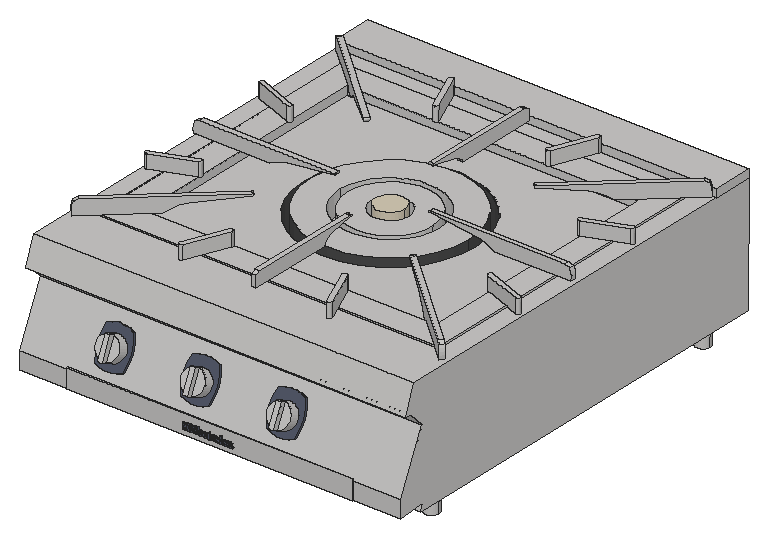
Revit family "QF_ELECTROLUXPROFESSIONAL_391024_E9GCGH3C00", category Specialty Equipment, Revit 2018 (continued)
Automatic sketch dimensions
  plane 7 "Center Y" to Extrusion 9 sketch curve = 97.556 mm
  Extrusion 9 sketch curve to Extrusion 9 sketch curve = 87.167 mm
  Extrusion 9 sketch curve to Extrusion 9 sketch curve = 21.274 mm
  plane 4 "RIGHT" to Extrusion 9 sketch curve = 47.198 mm
  plane 4 "RIGHT" to Extrusion 9 sketch curve = 17.866 mm
  plane 4 "RIGHT" to Extrusion 9 sketch curve = 7.665 mm
  plane 4 "RIGHT" to Extrusion 9 sketch curve = 5.047 mm
  Extrusion 12 to Extrusion 11 sketch curve = 33.446 mm  (x2)
  Extrusion 11 sketch curve to Extrusion 11 sketch curve = 1.954 mm  (x10)
  Extrusion 11 sketch curve to Extrusion 12 = 4.975 mm  (x2)
  Extrusion 11 sketch curve to Extrusion 12 = 1.067 mm  (x2)
  Extrusion 12 to Extrusion 11 sketch curve = 27.705 mm  (x2)
  Extrusion 12 to Extrusion 11 sketch curve = 112.529 mm  (x2)
  Extrusion 12 to Extrusion 11 sketch curve = 27.001 mm  (x2)
  Extrusion 11 sketch curve to Extrusion 11 sketch curve = 4.676 mm  (x14)
  Extrusion 12 to Extrusion 11 sketch curve = 31.247 mm  (x2)
  Extrusion 12 to Extrusion 11 sketch curve = 30.543 mm  (x2)
  Extrusion 12 to Extrusion 11 sketch curve = 5.221 mm
  Extrusion 11 sketch curve to Extrusion 11 sketch curve = 31.407 mm  (x4)
  Extrusion 12 to Extrusion 11 sketch curve = 0.925 mm  (x2)
  Extrusion 11 sketch curve to Extrusion 12 = 0.846 mm  (x2)
  Extrusion 12 to Extrusion 11 sketch curve = 1.679 mm  (x2)
  Extrusion 11 sketch curve to Extrusion 12 = 2.617 mm  (x2)
  Extrusion 12 to Extrusion 11 sketch curve = 154.225 mm  (x2)
  Extrusion 12 to Extrusion 11 sketch curve = 0.495 mm  (x2)
  Extrusion 11 sketch curve to Extrusion 12 = 1.459 mm  (x2)
  Extrusion 11 sketch curve to Extrusion 12 = 3.413 mm  (x2)
  Extrusion 12 to Extrusion 11 sketch curve = 27.977 mm  (x2)
  Extrusion 12 to Extrusion 11 sketch curve = 3.45 mm
  Extrusion 12 to Extrusion 11 sketch curve = 149.823 mm
  Extrusion 12 to Extrusion 11 sketch curve = 151.073 mm
  Extrusion 11 sketch curve to Extrusion 11 sketch curve = 4.603 mm  (x8)
  Extrusion 11 sketch curve to Extrusion 11 sketch curve = 35.431 mm  (x4)
  Extrusion 12 to Extrusion 11 sketch curve = 191.414 mm
  Extrusion 12 to Extrusion 11 sketch curve = 190.164 mm
  Extrusion 1 to Extrusion 12 sketch curve = 40.326 mm
  Extrusion 12 sketch curve to Extrusion 1 = 115.625 mm
  Extrusion 12 sketch curve to Extrusion 12 sketch curve = 55 mm  (x2)
  Extrusion 1 to Extrusion 12 sketch curve = 173.719 mm
  Extrusion 12 sketch curve to Extrusion 12 sketch curve = 50 mm
  Extrusion 1 to Extrusion 12 sketch curve = 94.623 mm
  Extrusion 1 to Extrusion 12 sketch curve = 39.623 mm
  plane 11 to Extrusion 13 sketch curve = 2 mm  (x2)
  plane 6 "TOP" to Extrusion 13 sketch curve = 0 mm  (x2)
  Extrusion 13 sketch curve to plane 6 "TOP" = 4.073 mm
  Extrusion 13 sketch curve to Extrusion 13 sketch curve = 1.949 mm
  Extrusion 13 sketch curve to Extrusion 13 sketch curve = 8.964 mm
  plane 11 to Extrusion 13 sketch curve = 12.533 mm
  Extrusion 13 sketch curve to Extrusion 13 sketch curve = 108.104 mm
  Extrusion 13 sketch curve to plane 6 "TOP" = 12.275 mm
  Extrusion 13 sketch curve to Extrusion 13 sketch curve = 41.643 mm
  Extrusion 13 sketch curve to plane 11 = 63.945 mm
  Extrusion 13 sketch curve to plane 6 "TOP" = 1.695 mm
  Extrusion 13 sketch curve to Extrusion 13 sketch curve = 105.335 mm
  Extrusion 13 sketch curve to plane 6 "TOP" = 3.385 mm
  Extrusion 13 sketch curve to plane 6 "TOP" = 3.975 mm
  Extrusion 13 sketch curve to Extrusion 13 sketch curve = 465.734 mm
  Extrusion 13 sketch curve to plane 6 "TOP" = 1.992 mm
  Extrusion 13 sketch curve to Extrusion 13 sketch curve = 74.996 mm
  Extrusion 13 sketch curve to plane 6 "TOP" = 12.204 mm
  Extrusion 13 sketch curve to Extrusion 13 sketch curve = 13.169 mm
  Extrusion 13 sketch curve to Extrusion 13 sketch curve = 41.64 mm
  plane 11 to Extrusion 13 sketch curve = 12.56 mm
  Extrusion 13 sketch curve to Extrusion 13 sketch curve = 117.985 mm
  Extrusion 13 sketch curve to Extrusion 13 sketch curve = 30.558 mm
  Extrusion 13 sketch curve to plane 6 "TOP" = 4.06 mm
  Extrusion 13 sketch curve to Extrusion 13 sketch curve = 8.962 mm
  Extrusion 14 sketch curve to Extrusion 8 = 359.623 mm
  Extrusion 14 sketch curve to Extrusion 8 = 322.055 mm
  Extrusion 15 sketch curve to Extrusion 15 sketch curve = 0 mm  (x20)
  Extrusion 15 sketch curve to plane 7 "Center Y" = 0 mm
  plane 8 "Center X" to Extrusion 15 sketch curve = 15.336 mm
  Extrusion 15 sketch curve to Extrusion 15 sketch curve = 40.672 mm
  Extrusion 16 sketch curve to Extrusion 16 sketch curve = 0 mm  (x2)
  Extrusion 16 sketch curve to Extrusion 12 = 0 mm  (x3)
  Extrusion 12 to Extrusion 16 sketch curve = 0 mm
  Extrusion 16 sketch curve to Extrusion 12 = 129.674 mm
  Extrusion 16 sketch curve to Extrusion 16 sketch curve = 180 mm
  Extrusion 16 sketch curve to Extrusion 12 = 267.055 mm
  plane 11 to Extrusion 17 sketch curve = 2 mm  (x2)
  plane 6 "TOP" to Extrusion 17 sketch curve = 0 mm  (x2)
  Extrusion 17 sketch curve to plane 6 "TOP" = 4.073 mm
  Extrusion 17 sketch curve to Extrusion 17 sketch curve = 1.949 mm
  Extrusion 17 sketch curve to Extrusion 17 sketch curve = 8.964 mm
  plane 11 to Extrusion 17 sketch curve = 12.533 mm
  Extrusion 17 sketch curve to Extrusion 17 sketch curve = 108.104 mm
  Extrusion 17 sketch curve to plane 6 "TOP" = 12.275 mm
  Extrusion 17 sketch curve to Extrusion 17 sketch curve = 41.643 mm
  Extrusion 17 sketch curve to plane 11 = 63.945 mm
  Extrusion 17 sketch curve to plane 6 "TOP" = 1.695 mm
  Extrusion 17 sketch curve to Extrusion 17 sketch curve = 105.335 mm
  Extrusion 17 sketch curve to plane 6 "TOP" = 3.385 mm
  Extrusion 17 sketch curve to plane 6 "TOP" = 3.975 mm
  Extrusion 17 sketch curve to Extrusion 17 sketch curve = 465.734 mm
  Extrusion 17 sketch curve to plane 6 "TOP" = 1.992 mm
  Extrusion 17 sketch curve to Extrusion 17 sketch curve = 74.996 mm
  Extrusion 17 sketch curve to plane 6 "TOP" = 12.204 mm
  Extrusion 17 sketch curve to Extrusion 17 sketch curve = 13.169 mm
  Extrusion 17 sketch curve to Extrusion 17 sketch curve = 41.64 mm
  plane 11 to Extrusion 17 sketch curve = 12.56 mm
  Extrusion 17 sketch curve to Extrusion 17 sketch curve = 117.985 mm
  Extrusion 17 sketch curve to Extrusion 17 sketch curve = 30.558 mm
  Extrusion 17 sketch curve to plane 6 "TOP" = 4.06 mm
  Extrusion 17 sketch curve to Extrusion 17 sketch curve = 8.962 mm
  Extrusion 18 sketch curve to Extrusion 1 = 0 mm  (x2)
  Extrusion 18 sketch curve to Extrusion 18 sketch curve = 84 mm
  Extrusion 18 sketch curve to Extrusion 18 sketch curve = 16.5 mm
  Extrusion 19 sketch curve to Extrusion 3 = 0 mm  (x3)
  Extrusion 19 sketch curve to Extrusion 3 = 768 mm
  Extrusion 10 sketch curve to plane 13 = 0 mm
  Extrusion 10 sketch curve to plane 6 "TOP" = 0 mm  (x2)
  Extrusion 10 sketch curve to plane 12 = 0 mm
  Extrusion 10 sketch curve to plane 13 = 9.696 mm
  plane 11 to Extrusion 10 sketch curve = 5 mm  (x2)
  Extrusion 10 sketch curve to plane 15 = 40.41 mm
  Extrusion 10 sketch curve to plane 6 "TOP" = 12.114 mm  (x2)
  Extrusion 10 sketch curve to Extrusion 10 sketch curve = 22.688 mm
  Extrusion 10 sketch curve to plane 11 = 7.392 mm  (x2)
  Extrusion 10 sketch curve to plane 6 "TOP" = 2.014 mm  (x2)
  Extrusion 10 sketch curve to Extrusion 10 sketch curve = 50.877 mm
  Extrusion 10 sketch curve to Extrusion 10 sketch curve = 0.875 mm
  Extrusion 10 sketch curve to plane 6 "TOP" = 1.197 mm
  plane 8 "Center X" to Extrusion 10 sketch curve = 124.838 mm
  Extrusion 10 sketch curve to Extrusion 10 sketch curve = 47.983 mm
  Extrusion 10 sketch curve to Extrusion 10 sketch curve = 2.895 mm
  plane 12 to Extrusion 10 sketch curve = 9.696 mm
  Extrusion 10 sketch curve to plane 6 "TOP" = 4.156 mm  (x2)
  curve 53 to curve 55 = 0 mm
  curve 53 to curve 57 = 0 mm
  curve 53 to curve 59 = 0 mm
  curve 53 to curve 60 = 0 mm
  curve 53 to curve 61 = 0 mm  (x2)
  curve 53 to curve 62 = 0 mm  (x2)
  curve 53 to curve 63 = 0 mm
  curve 53 to curve 64 = 0 mm
  curve 53 to curve 108 = 0 mm
  curve 53 to curve 109 = 0 mm
  curve 53 to curve 110 = 0 mm
  curve 53 to curve 121 = 0 mm  (x2)
  curve 53 to curve 122 = 0 mm
  curve 53 to curve 127 = 0 mm
  curve 56 to curve 126 = 0 mm
  curve 57 to curve 59 = 0 mm
  curve 57 to curve 110 = 0 mm
  curve 60 to curve 127 = 0 mm
  curve 61 to curve 127 = 0 mm
  curve 108 to curve 122 = 0 mm
  curve 108 to curve 125 = 0 mm
  curve 108 to curve 127 = 0 mm
  curve 109 to curve 123 = 0 mm
  curve 109 to curve 124 = 0 mm
  curve 109 to curve 125 = 0 mm
  curve 109 to curve 126 = 0 mm  (x2)
  plane 1 "BACK" to curve 1 = 0 mm
  curve 1 to plane 3 "LEFT" = 0 mm
  curve 128 to plane 14 = 0 mm
  plane 5 "FRONT" to curve 130 = 0 mm
  plane 10 to curve 133 = 0 mm
  plane 5 "FRONT" to curve 142 = 0 mm
  plane 5 "FRONT" to curve 143 = 0 mm
  curve 64 to plane 7 "Center Y" = 0 mm
  curve 113 to plane 7 "Center Y" = 0 mm
  curve 114 to plane 7 "Center Y" = 0 mm
  plane 5 "FRONT" to curve 144 = 0 mm
  curve 131 to plane 4 "RIGHT" = 0 mm
  curve 68 to plane 8 "Center X" = 2.511 mm
  plane 3 "LEFT" to curve 68 = 4.698 mm
  plane 3 "LEFT" to curve 37 = 6.013 mm
  plane 3 "LEFT" to curve 49 = 6.224 mm
  plane 3 "LEFT" to curve 36 = 9.079 mm
  plane 3 "LEFT" to curve 31 = 9.079 mm
  curve 37 to curve 38 = 3.351 mm
  curve 49 to curve 50 = 3.351 mm
  curve 31 to curve 32 = 1.771 mm
  curve 36 to curve 36 = 1.771 mm  (x2)
  curve 32 to curve 32 = 1.771 mm
  plane 12 to curve 39 = 0.754 mm
  curve 38 to curve 39 = 3.351 mm
  curve 50 to plane 13 = 2.082 mm
  curve 50 to curve 50 = 3.351 mm
  plane 3 "LEFT" to curve 76 = 39.623 mm
  plane 3 "LEFT" to curve 92 = 39.623 mm
  plane 8 "Center X" to curve 88 = 7.489 mm
  curve 66 to curve 88 = 34.925 mm
  curve 89 to curve 88 = 0 mm
  curve 76 to curve 145 = 10.697 mm
  curve 92 to curve 94 = 11.168 mm
  curve 88 to curve 34 = 52.383 mm
  curve 89 to curve 31 = 52.383 mm
  curve 34 to curve 34 = 1.771 mm
  curve 31 to curve 30 = 1.771 mm
  curve 30 to curve 75 = 0.846 mm
  curve 88 to curve 90 = 55 mm
  curve 30 to curve 91 = 2.617 mm
  curve 87 to curve 34 = 0.925 mm
  curve 75 to curve 29 = 0.925 mm
  curve 73 to curve 73 = 1.671 mm
  curve 75 to curve 93 = 2.142 mm
  plane 3 "LEFT" to curve 128 = 100 mm
  curve 73 to curve 86 = 14.919 mm
  curve 93 to curve 96 = 14.919 mm
  plane 5 "FRONT" to curve 135 = 7.46 mm
  curve 130 to curve 135 = 54.375 mm
  curve 133 to curve 134 = 50.625 mm
  plane 8 "Center X" to curve 122 = 15.336 mm
  curve 90 to curve 122 = 125.377 mm
  curve 122 to curve 127 = 0.716 mm
  curve 37 to curve 40 = 3.351 mm
  curve 40 to curve 40 = 3.351 mm
  curve 127 to curve 52 = 6.774 mm
  curve 52 to curve 52 = 3.351 mm
  curve 51 to plane 15 = 66.089 mm
  curve 52 to curve 51 = 3.351 mm
  curve 63 to curve 124 = 15 mm
  curve 62 to curve 121 = 0.781 mm
  curve 28 to plane 13 = 6.742 mm
  curve 134 to curve 28 = 35.15 mm
  plane 12 to curve 6 = 6.742 mm
  curve 86 to curve 6 = 130.188 mm
  curve 27 to curve 28 = 4.603 mm
  curve 6 to curve 6 = 4.603 mm
  curve 28 to plane 13 = 2.835 mm
  curve 28 to curve 28 = 4.603 mm
  plane 12 to curve 5 = 2.835 mm
  curve 6 to curve 5 = 4.603 mm
  curve 28 to curve 94 = 12.538 mm
  curve 7 to curve 145 = 11.875 mm
  curve 94 to curve 95 = 10.864 mm
  curve 145 to curve 80 = 10.864 mm
  plane 15 to curve 27 = 45.786 mm
  curve 26 to curve 96 = 0.618 mm
  curve 80 to curve 86 = 12.483 mm
  curve 86 to curve 8 = 0.21 mm
  curve 26 to curve 26 = 4.603 mm
  curve 8 to curve 8 = 4.603 mm
  curve 26 to curve 97 = 3.984 mm
  plane 15 to curve 25 = 49.694 mm
  plane 12 to curve 5 = 86.306 mm
  curve 8 to curve 5 = 4.603 mm
  curve 5 to curve 85 = 0.18 mm
  curve 62 to curve 59 = 60 mm
  curve 123 to curve 110 = 1.234 mm
  curve 123 to curve 67 = 2.454 mm
  curve 66 to curve 57 = 12.253 mm
  curve 142 to plane 7 "Center Y" = 66.302 mm
  curve 56 to plane 7 "Center Y" = 40.672 mm
  curve 55 to curve 53 = 10 mm
  plane 5 "FRONT" to curve 138 = 7.46 mm
  curve 138 to plane 7 "Center Y" = 15.677 mm
  curve 121 to plane 7 "Center Y" = 5 mm
  curve 80 to plane 7 "Center Y" = 5 mm
  curve 71 to curve 60 = 4.009 mm
  curve 69 to curve 110 = 2.481 mm
  curve 70 to curve 60 = 3.715 mm
  curve 81 to curve 81 = 108.784 mm
  curve 81 to curve 12 = 0.18 mm
  plane 5 "FRONT" to curve 139 = 7.46 mm
  plane 7 "Center Y" to curve 139 = 114.388 mm
  plane 15 to curve 22 = 49.694 mm
  curve 100 to curve 22 = 110.214 mm
  curve 22 to curve 100 = 0.618 mm
  curve 11 to curve 12 = 4.603 mm
  curve 22 to curve 22 = 4.603 mm
  curve 12 to curve 12 = 4.603 mm
  curve 9 to curve 83 = 0.21 mm
  curve 22 to curve 101 = 3.984 mm
  plane 15 to curve 21 = 45.786 mm
  curve 101 to curve 21 = 0.618 mm
  plane 12 to curve 82 = 34.719 mm
  curve 12 to curve 82 = 21.898 mm
  curve 23 to curve 98 = 21.234 mm
  curve 82 to curve 74 = 10.864 mm
  curve 98 to curve 99 = 10.864 mm
  plane 12 to curve 10 = 2.835 mm
  curve 74 to curve 10 = 2.67 mm
  curve 23 to plane 13 = 2.835 mm
  curve 99 to curve 23 = 3.333 mm
  curve 11 to curve 10 = 4.603 mm
  curve 23 to curve 24 = 4.603 mm
  plane 12 to curve 9 = 6.742 mm
  curve 10 to curve 9 = 4.603 mm
  curve 24 to curve 24 = 4.603 mm
  curve 60 to curve 126 = 59.326 mm
  curve 126 to curve 109 = 0.781 mm
  curve 143 to curve 144 = 50.625 mm
  curve 47 to plane 15 = 66.089 mm
  curve 101 to curve 47 = 41.836 mm
  curve 48 to curve 48 = 3.351 mm
  curve 45 to plane 15 = 73.51 mm
  curve 48 to curve 45 = 3.351 mm
  curve 9 to curve 44 = 50.754 mm
  curve 44 to curve 44 = 3.351 mm
  curve 126 to curve 108 = 15.081 mm
  curve 108 to curve 64 = 0.716 mm
  curve 44 to curve 41 = 3.351 mm
  plane 4 "RIGHT" to curve 101 = 111.683 mm
  plane 4 "RIGHT" to curve 83 = 111.212 mm
  plane 4 "RIGHT" to curve 129 = 100 mm
  curve 101 to curve 79 = 14.919 mm
  curve 83 to curve 84 = 14.919 mm
  plane 4 "RIGHT" to curve 13 = 95.548 mm
  plane 4 "RIGHT" to curve 18 = 95.548 mm
  curve 13 to curve 14 = 1.771 mm
  curve 18 to curve 18 = 1.771 mm  (x2)
  curve 14 to curve 15 = 1.771 mm
  curve 79 to curve 79 = 6.438 mm
  curve 18 to curve 105 = 1.679 mm
  curve 14 to curve 77 = 5.221 mm
  curve 107 to curve 105 = 0 mm
  curve 99 to plane 13 = 36.281 mm
  plane 4 "RIGHT" to curve 74 = 50.319 mm
  plane 4 "RIGHT" to curve 104 = 40.326 mm
  curve 102 to curve 104 = 0 mm
  curve 106 to curve 104 = 0 mm
  curve 78 to curve 102 = 0 mm
  curve 47 to plane 13 = 2.082 mm
  plane 12 to curve 42 = 0.754 mm
  curve 106 to curve 42 = 27.611 mm
  plane 4 "RIGHT" to curve 16 = 12.621 mm
  plane 4 "RIGHT" to curve 19 = 12.621 mm
  curve 13 to curve 16 = 1.771 mm
  curve 20 to curve 20 = 1.771 mm  (x2)
  curve 46 to curve 46 = 3.351 mm
  curve 42 to curve 42 = 3.351 mm  (x2)
  curve 16 to curve 15 = 1.771 mm
  curve 46 to curve 45 = 3.351 mm
  plane 4 "RIGHT" to curve 69 = 4.698 mm
  curve 132 to plane 10 = 20.656 mm
  curve 114 to plane 13 = 4.923 mm
  curve 46 to curve 46 = 3.711 mm
  curve 51 to curve 50 = 3.711 mm
  curve 94 to curve 92 = 3.388 mm
  curve 119 to curve 126 = 5.636 mm
  curve 116 to curve 121 = 5.636 mm
  curve 29 to plane 15 = 67.81 mm
  curve 19 to plane 15 = 67.81 mm
  curve 20 to curve 20 = 4.676 mm
  curve 32 to curve 32 = 4.676 mm
  curve 29 to curve 92 = 10.226 mm
  curve 19 to curve 78 = 10.493 mm
  curve 92 to curve 89 = 10.693 mm
  curve 78 to curve 102 = 10.693 mm
  curve 121 to curve 117 = 54.364 mm
  curve 115 to curve 61 = 51.776 mm
  curve 90 to curve 90 = 121.315 mm
  curve 90 to curve 34 = 0.252 mm
  curve 107 to curve 14 = 121.567 mm
  curve 15 to curve 107 = 0.636 mm
  curve 14 to curve 14 = 4.676 mm
  curve 35 to curve 87 = 0.35 mm
  curve 14 to curve 77 = 1.977 mm
  curve 88 to curve 76 = 10.693 mm
  curve 34 to curve 40 = 33.703 mm
  curve 41 to curve 44 = 7.421 mm
  curve 37 to curve 40 = 3.711 mm
  curve 87 to curve 86 = 0 mm
  curve 83 to curve 84 = 0 mm
  curve 76 to curve 145 = 3.814 mm
  plane 12 to curve 113 = 4.672 mm
  radius of Extrusion 2 sketch curve = 15 mm  (x4)
  radius of Split face 1 sketch curve = 10 mm
  radius of Split face 2 sketch curve = 10 mm
  radius of Split face 3 sketch curve = 10 mm
  radius of Extrusion 6 sketch curve = 25 mm  (x3)
  radius of Extrusion 7 sketch curve to Extrusion 6 = 0 mm  (x6)
  radius of Extrusion 14 sketch curve = 30.672 mm
  radius of Extrusion 15 sketch curve = 165 mm
  radius of Extrusion 15 sketch curve = 90 mm
  radius of Extrusion 15 sketch curve = 105 mm
  radius of Extrusion 20 sketch curve = 6.4 mm
Connectors
  piping at (746, -664, 19), diameter 12.8
    settings: on Extrusion 20, index 1, connector inside diameter 0.50394", connector length 0 mm, flow factor 0, pipe flow 0 GPM, pressure drop 0.00 psi, fitting loss kfactor 0, connector angle 0.00°, fixture units 0, engagement length 0 mm, angle of deflection 0.00°, flow configuration 1, flow direction 1, fitting loss method 0, system type 7, joint type 0, gender type 0, connector reference index -1, connector utility 0, adjustable connector no, is connector primary yes, connector description "GAS CONNECTION"
